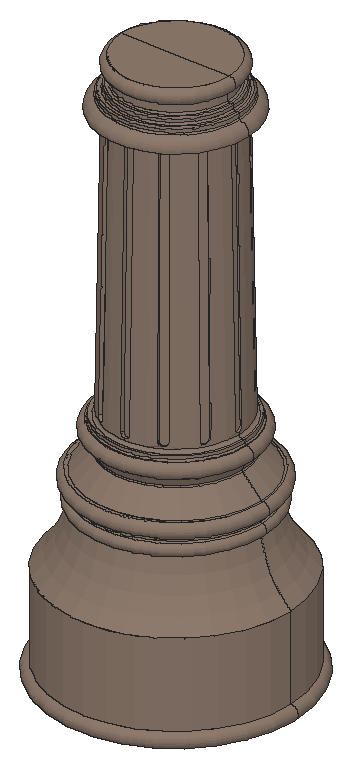
Revit family "CB1901", category Generic Models, Revit 2014
Parameters
  BASE = Bronze, Architectural
Reference planes (in)
  plane 1 "Center (Front/Back)": y = 0
  plane 2: z = 0
  plane 3 "Center (Left/Right)": x = 0
Forms (in)
  Revolve 1, solid, material "Bronze, Architectural" <- "BASE"
    sketch origin (0, 0, 0) x (1, 0, 0) y (0, 0, 1)
      loop
        arc (-2.2698, 23.375) -> (-2.49759, 23.05632) -> (-2.22158, 22.77835) r 0.30359
        arc (-2.22158, 22.77835) -> (-2.184, 22.7598) -> (-2.16881, 22.72074) r 0.05784
        line (-2.16881, 22.72074) -> (-2.16881, 22.40915)
        arc (-2.16881, 22.40915) -> (-2.18575, 22.36826) -> (-2.22665, 22.35132) r 0.05784
        line (-2.22665, 22.35132) -> (-2.35196, 22.35132)
        arc (-2.35196, 22.35132) -> (-2.39285, 22.33438) -> (-2.40979, 22.29348) r 0.05784
        line (-2.40979, 22.29348) -> (-2.40979, 22.16818)
        arc (-2.40979, 22.16818) -> (-2.42673, 22.12728) -> (-2.46763, 22.11034) r 0.05784
        line (-2.46763, 22.11034) -> (-2.59294, 22.11034)
        arc (-2.59294, 22.11034) -> (-2.63383, 22.0934) -> (-2.65077, 22.05251) r 0.05784
        line (-2.65077, 22.05251) -> (-2.65077, 21.91776)
        arc (-2.65077, 21.91776) -> (-2.66336, 21.88174) -> (-2.69563, 21.8614) r 0.05784
        arc (-2.69563, 21.8614) -> (-2.97473, 21.6636) -> (-3.03393, 21.32668) r 0.44971
        line (-3.03393, 21.32668) -> (-2.50727, 21.32668)
        arc (-2.50727, 21.32668) -> (-2.46565, 21.30943) -> (-2.44841, 21.26781) r 0.05886
        line (-2.44841, 21.26781) -> (-2.64859, 10.00293)
        arc (-2.64859, 10.00293) -> (-2.68597, 9.91598) -> (-2.77357, 9.88015) r 0.125
        line (-2.77357, 9.88015) -> (-2.89175, 9.88015) -> (-2.89175, 9.75774)
        arc (-2.89175, 9.75774) -> (-2.90869, 9.71684) -> (-2.94959, 9.6999) r 0.05784
        line (-2.94959, 9.6999) -> (-3.00363, 9.6999)
        arc (-3.00363, 9.6999) -> (-3.25283, 9.41521) -> (-3.03875, 9.10325) r 0.30846
        arc (-3.03875, 9.10325) -> (-3.02018, 9.09329) -> (-3.00641, 9.07734) r 0.05786
        line (-3.00641, 9.07734) -> (-2.79281, 8.7121)
        arc (-2.79281, 8.7121) -> (-2.78522, 8.67686) -> (-2.79997, 8.64397) r 0.05784
        line (-2.79997, 8.64397) -> (-3.55396, 7.82219) -> (-3.68014, 7.82219)
        arc (-3.68014, 7.82219) -> (-3.92481, 7.52097) -> (-3.68014, 7.21974) r 0.30776
        line (-3.68014, 7.21974) -> (-3.61263, 7.21324)
        arc (-3.61263, 7.21324) -> (-3.5712, 7.1966) -> (-3.55396, 7.15541) r 0.05784
        line (-3.55396, 7.15541) -> (-3.55396, 7.03993)
        arc (-3.55396, 7.03993) -> (-3.56558, 7.00516) -> (-3.59578, 6.98436) r 0.05784
        arc (-3.59578, 6.98436) -> (-3.79074, 6.72652) -> (-3.55396, 6.50644) r 0.24111
        arc (-3.55396, 6.50644) -> (-3.99079, 5.19861) -> (-4.81959, 4.09665) r 4.29413
        line (-4.81959, 4.09665) -> (-4.81959, 0.60245)
        arc (-4.81959, 0.60245) -> (-5.12081, 0.30122) -> (-4.81959, 0) r 0.30122
        line (-4.81959, 0) -> (0, 0) -> (0, 23.375) -> (-2.2698, 23.375)
      axis (0, 0) -> (0, 23.375)
    angle from 0 to 360
  Extrusion 2, void
    sketch origin (0, -0.27324, -0.04162) x (1, 0, 0) y (0, 0.017452, 0.999848)
      loop
        arc (0.1875, 21.01694) -> (0, 21.20444) -> (-0.1875, 21.01694) r 0.1875
        line (-0.1875, 21.01694) -> (-0.1875, 10.25186)
        arc (-0.1875, 10.25186) -> (0, 10.06436) -> (0.1875, 10.25186) r 0.1875
        line (0.1875, 10.25186) -> (0.1875, 21.01694)
    from 2.42822 to 2.66554
  Extrusion 3, void
    sketch origin (0, 0.27324, -0.04162) x (-1, 0, 0) y (0, -0.017452, 0.999848)
      loop
        arc (0.1875, 21.01694) -> (0, 21.20444) -> (-0.1875, 21.01694) r 0.1875
        line (-0.1875, 21.01694) -> (-0.1875, 10.25186)
        arc (-0.1875, 10.25186) -> (0, 10.06436) -> (0.1875, 10.25186) r 0.1875
        line (0.1875, 10.25186) -> (0.1875, 21.01694)
    from 2.42822 to 2.66554
  Extrusion 4, void
    sketch origin (0.13662, -0.23663, -0.04162) x (0.866025, 0.5, 0) y (-0.008726, 0.015114, 0.999848)
      loop
        arc (0.1875, 21.01694) -> (0, 21.20444) -> (-0.1875, 21.01694) r 0.1875
        line (-0.1875, 21.01694) -> (-0.1875, 10.25186)
        arc (-0.1875, 10.25186) -> (0, 10.06436) -> (0.1875, 10.25186) r 0.1875
        line (0.1875, 10.25186) -> (0.1875, 21.01694)
    from 2.42822 to 2.66554
  Extrusion 5, void
    sketch origin (-0.13662, 0.23663, -0.04162) x (-0.866025, -0.5, 0) y (0.008726, -0.015114, 0.999848)
      loop
        arc (0.1875, 21.01694) -> (0, 21.20444) -> (-0.1875, 21.01694) r 0.1875
        line (-0.1875, 21.01694) -> (-0.1875, 10.25186)
        arc (-0.1875, 10.25186) -> (0, 10.06436) -> (0.1875, 10.25186) r 0.1875
        line (0.1875, 10.25186) -> (0.1875, 21.01694)
    from 2.42822 to 2.66554
  Extrusion 6, void
    sketch origin (0.23663, -0.13662, -0.04162) x (0.5, 0.866025, 0) y (-0.015114, 0.008726, 0.999848)
      loop
        arc (0.1875, 21.01694) -> (0, 21.20444) -> (-0.1875, 21.01694) r 0.1875
        line (-0.1875, 21.01694) -> (-0.1875, 10.25186)
        arc (-0.1875, 10.25186) -> (0, 10.06436) -> (0.1875, 10.25186) r 0.1875
        line (0.1875, 10.25186) -> (0.1875, 21.01694)
    from 2.42822 to 2.66554
  Extrusion 7, void
    sketch origin (-0.23663, 0.13662, -0.04162) x (-0.5, -0.866025, 0) y (0.015114, -0.008726, 0.999848)
      loop
        arc (0.1875, 21.01694) -> (0, 21.20444) -> (-0.1875, 21.01694) r 0.1875
        line (-0.1875, 21.01694) -> (-0.1875, 10.25186)
        arc (-0.1875, 10.25186) -> (0, 10.06436) -> (0.1875, 10.25186) r 0.1875
        line (0.1875, 10.25186) -> (0.1875, 21.01694)
    from 2.42822 to 2.66554
  Extrusion 8, void
    sketch origin (0.27324, 0, -0.04162) x (0, 1, 0) y (-0.017452, 0, 0.999848)
      loop
        arc (0.1875, 21.01694) -> (0, 21.20444) -> (-0.1875, 21.01694) r 0.1875
        line (-0.1875, 21.01694) -> (-0.1875, 10.25186)
        arc (-0.1875, 10.25186) -> (0, 10.06436) -> (0.1875, 10.25186) r 0.1875
        line (0.1875, 10.25186) -> (0.1875, 21.01694)
    from 2.42822 to 2.66554
  Extrusion 9, void
    sketch origin (-0.27324, 0, -0.04162) x (0, -1, 0) y (0.017452, 0, 0.999848)
      loop
        arc (0.1875, 21.01694) -> (0, 21.20444) -> (-0.1875, 21.01694) r 0.1875
        line (-0.1875, 21.01694) -> (-0.1875, 10.25186)
        arc (-0.1875, 10.25186) -> (0, 10.06436) -> (0.1875, 10.25186) r 0.1875
        line (0.1875, 10.25186) -> (0.1875, 21.01694)
    from 2.42822 to 2.66554
  Extrusion 10, void
    sketch origin (0.23663, 0.13662, -0.04162) x (-0.5, 0.866025, 0) y (-0.015114, -0.008726, 0.999848)
      loop
        arc (0.1875, 21.01694) -> (0, 21.20444) -> (-0.1875, 21.01694) r 0.1875
        line (-0.1875, 21.01694) -> (-0.1875, 10.25186)
        arc (-0.1875, 10.25186) -> (0, 10.06436) -> (0.1875, 10.25186) r 0.1875
        line (0.1875, 10.25186) -> (0.1875, 21.01694)
    from 2.42822 to 2.66554
  Extrusion 11, void
    sketch origin (-0.23663, -0.13662, -0.04162) x (0.5, -0.866025, 0) y (0.015114, 0.008726, 0.999848)
      loop
        arc (0.1875, 21.01694) -> (0, 21.20444) -> (-0.1875, 21.01694) r 0.1875
        line (-0.1875, 21.01694) -> (-0.1875, 10.25186)
        arc (-0.1875, 10.25186) -> (0, 10.06436) -> (0.1875, 10.25186) r 0.1875
        line (0.1875, 10.25186) -> (0.1875, 21.01694)
    from 2.42822 to 2.66554
  Extrusion 12, void
    sketch origin (0.13662, 0.23663, -0.04162) x (-0.866025, 0.5, 0) y (-0.008726, -0.015114, 0.999848)
      loop
        arc (0.1875, 21.01694) -> (0, 21.20444) -> (-0.1875, 21.01694) r 0.1875
        line (-0.1875, 21.01694) -> (-0.1875, 10.25186)
        arc (-0.1875, 10.25186) -> (0, 10.06436) -> (0.1875, 10.25186) r 0.1875
        line (0.1875, 10.25186) -> (0.1875, 21.01694)
    from 2.42822 to 2.66554
  Extrusion 13, void
    sketch origin (-0.13662, -0.23663, -0.04162) x (0.866025, -0.5, 0) y (0.008726, 0.015114, 0.999848)
      loop
        arc (0.1875, 21.01694) -> (0, 21.20444) -> (-0.1875, 21.01694) r 0.1875
        line (-0.1875, 21.01694) -> (-0.1875, 10.25186)
        arc (-0.1875, 10.25186) -> (0, 10.06436) -> (0.1875, 10.25186) r 0.1875
        line (0.1875, 10.25186) -> (0.1875, 21.01694)
    from 2.42822 to 2.66554
Cuts and joins
  Extrusion 2, Extrusion 3, Extrusion 4, Extrusion 5, Extrusion 6, Extrusion 7, Extrusion 8, Extrusion 9, Extrusion 10, Extrusion 11, Extrusion 12, Extrusion 13 cuts Revolve 1
Lines and regions (in)
  model lines
    curve 1: line (-0.1875, 0, 10.25186) -> (0.1875, 0, 10.25186)
Dimensions and locks (in)
  aligned and locked: plane 2 to level
